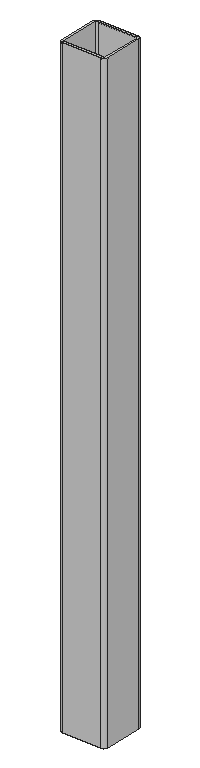
Revit family
Parameters (values of type "HSS8X8X.375")
  Column Material [instance] = Metal - Steel - ASTM A500 - Grade B - Rectangular and Square
  A = 10.08 in²
  Assembly Code = "B10"
  Ht = 0' - 8"
  Shape = "Square"
  W = 37.6
  b = 0' - 8"
  kr = 2 * t  # 0' - 0 89/128"
  t = 0' - 0 89/256"
Types (2): name | Ht | W | b | kr | t
  HSS8X8X.375 | 0' - 8" | 37.6 | 0' - 8" | 0' - 0 89/128" | 0' - 0 89/256"
  HSS6X6X.500 | 0' - 6" | 35.1 | 0' - 6" | 0' - 0 119/128" | 0' - 0 119/256"
Reference planes (in)
  plane 1 "Center (Front/Back)": y = 0
  plane 2: z = 0
  plane 3 "Center (Left/Right)": x = 0
  plane 4: x = -4
  plane 5: x = 4
  plane 6: y = 4
  plane 7: y = -4
  plane 8: x = -3.30469
  plane 9: y = -3.30469
  plane 10: y = 3.30469
  plane 11: x = 3.30469
Forms (in)
  Extrusion 1, solid, material "Metal - Steel - ASTM A500 - Grade B - Rectangular and Square" <- "Column Material", detail levels medium
    sketch origin (0, 0, 0) x (1, 0, 0) y (0, 1, 0)
      loop
        line (-4, 4) -> (-4, -4) -> (4, -4) -> (4, 4) -> (-4, 4)
      loop
        line (-3.65234, 3.65234) -> (-3.65234, -3.65234) -> (3.65234, -3.65234) -> (3.65234, 3.65234) -> (-3.65234, 3.65234)
    from 0 to 108
  Extrusion 2, solid, material "Metal - Steel - ASTM A500 - Grade B - Rectangular and Square" <- "Column Material", detail levels fine
    sketch origin (0, 0, 0) x (1, 0, 0) y (0, 1, 0)
      loop
        arc (-3.30469, 4) -> (-3.79635, 3.79635) -> (-4, 3.30469) r 0.69531
        line (-4, 3.30469) -> (-4, -3.30469)
        arc (-4, -3.30469) -> (-3.79635, -3.79635) -> (-3.30469, -4) r 0.69531
        line (-3.30469, -4) -> (3.30469, -4)
        arc (3.30469, -4) -> (3.79635, -3.79635) -> (4, -3.30469) r 0.69531
        line (4, -3.30469) -> (4, 3.30469)
        arc (4, 3.30469) -> (3.79635, 3.79635) -> (3.30469, 4) r 0.69531
        line (3.30469, 4) -> (-3.30469, 4)
      loop
        arc (-3.30469, 3.65234) -> (-3.55052, 3.55052) -> (-3.65234, 3.30469) r 0.34766
        line (-3.65234, 3.30469) -> (-3.65234, -3.30469)
        arc (-3.65234, -3.30469) -> (-3.55052, -3.55052) -> (-3.30469, -3.65234) r 0.34766
        line (-3.30469, -3.65234) -> (3.30469, -3.65234)
        arc (3.30469, -3.65234) -> (3.55052, -3.55052) -> (3.65234, -3.30469) r 0.34766
        line (3.65234, -3.30469) -> (3.65234, 3.30469)
        arc (3.65234, 3.30469) -> (3.55052, 3.55052) -> (3.30469, 3.65234) r 0.34766
        line (3.30469, 3.65234) -> (-3.30469, 3.65234)
    from 0 to 108
Lines and regions (in)
  symbolic lines, style "StructuralColumnStickSymbols", detail levels coarse
    curve 1: line (-4, 4, 0) -> (4, 4, 0)
    curve 2: line (-4, -4, 0) -> (4, -4, 0)
    curve 5: line (-4, 4, 0) -> (-4, -4, 0)
    curve 6: line (4, 4, 0) -> (4, -4, 0)
  symbolic lines, style "Hidden Faces", detail levels medium+fine
    curve 3: line (-3.65234, 0, 0) -> (-3.65234, 0, 108)
    curve 4: line (3.65234, 0, 108) -> (3.65234, 0, 0)
    curve 7: line (0, 3.65234, 0) -> (0, 3.65234, 108)
    curve 8: line (0, -3.65234, 108) -> (0, -3.65234, 0)
Dimensions and locks (in)
  equal spacing: plane 4, plane 3 "Center (Left/Right)", plane 5
  equal spacing: plane 7, plane 1 "Center (Front/Back)", plane 6
  "Ht": plane 7 to plane 6
  "b": plane 4 to plane 5
  "t": Extrusion 1 sketch curve to plane 5
  "t": plane 4 to Extrusion 1 sketch curve
  "t": Extrusion 1 sketch curve to plane 6
  "t": Extrusion 1 sketch curve to plane 7
  "t": Extrusion 2 sketch curve to plane 6
  "t": Extrusion 2 sketch curve to plane 5
  "t": plane 4 to Extrusion 2 sketch curve
  "t": Extrusion 2 sketch curve to plane 7
  "kr": plane 10 to plane 6
  "kr": plane 7 to plane 9
  "kr": plane 11 to plane 5
  "kr": plane 4 to plane 8
  aligned and locked: plane 6 to Extrusion 1 sketch curve
  aligned and locked: Extrusion 1 sketch curve to plane 7
  aligned and locked: Extrusion 1 sketch curve to plane 4
  aligned and locked: plane 5 to Extrusion 1 sketch curve
  aligned and locked: level to Extrusion 1
  aligned and locked: level to plane 2
  aligned and locked: Extrusion 1 to plane 2
  aligned and locked: Extrusion 2 sketch curve to Extrusion 1
  aligned and locked: level to Extrusion 2
  aligned and locked: curve 4 to Extrusion 2
  aligned and locked: curve 3 to Extrusion 2
  aligned and locked: Extrusion 2 to curve 7  (x2)
  aligned and locked: Extrusion 2 to curve 8  (x2)
  aligned and locked: curve 7 to Extrusion 1
  aligned and locked: curve 8 to Extrusion 1
  aligned and locked: plane 6 to Extrusion 2 sketch curve
  aligned and locked: plane 4 to curve 5
  aligned and locked: plane 6 to curve 1
  aligned and locked: plane 5 to curve 6
  aligned and locked: plane 7 to curve 2
Automatic sketch dimensions
  Extrusion 2 sketch curve to plane 8 = 0' - 0"  (x3)
  Extrusion 2 sketch curve to plane 7 = 0' - 0"
  Extrusion 2 sketch curve to plane 11 = 0' - 0"
  Extrusion 2 sketch curve to plane 10 = 0' - 0"  (x2)
  Extrusion 2 sketch curve to plane 9 = 0' - 0"  (x2)
  curve 3 to level = 0' - 0"  (x2)
  curve 4 to level = 0' - 0"  (x2)
  Extrusion 2 sketch curve to Extrusion 2 sketch curve = 0' - 0"
